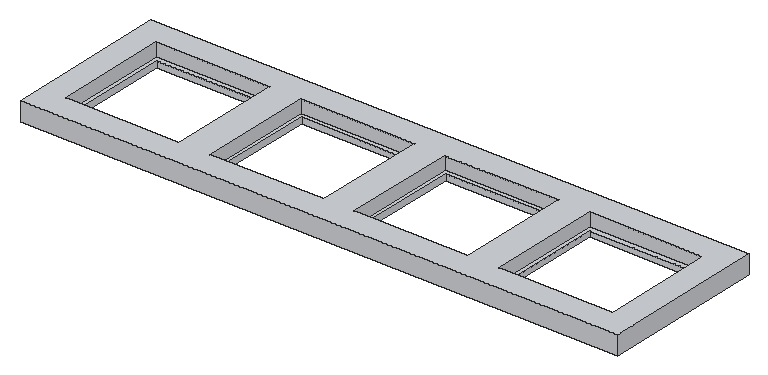
Revit family "Gira_021409", category Electrical Fixtures, host Face, Revit 2017
Family settings
  Host = Face
  Maintain Annotation Orientation = No
  Round Connector Dimension = Use Diameter
  Part Type = Normal
  Cut with Voids When Loaded = No
  Shared = No
  Room Calculation Point = No
Parameters (values of type "Cov.fr. 4-g Gira E2 black m")
  URL = "http://katalog.gira.de/en/datenblatt.html?artikelnr=021409"
  Transparent = "No"
  Name = "Cov.fr. 4-g Gira E2 black m"
  Manufacturer URL = "https://www.gira.de/"
  Manufacturer = "Gira"
  Label space/information surface = "No"
  Keynote = ""
  HeinzeBIM = "https://bimportal.heinze.de/bim/cov-fr-4-g-gira-e2-black-m/768ad4fe46efa51cc2077ca89b571052c2cdc0f8"
  HAN = "021409"
  GTIN = "4010337036869"
  Description = "Cov.fr.4g E2 BKm,Gira E2 cover frame,black matt,4-gang,Features:,- Shatter-proof.,,Notes :,- Also suitable for duct installation.,- In connection with the seal kit, frame (1-gang to 5-gang) is also suitable for installation as water-protected flush-mounted IP44."
  Default Elevation = 1219.2 mm
  Data sheet (1) = "https://katalog.gira.de/en/download.html?artikelnr=021409"
  Category = "Cover frame for domestic switching devices"
  BIM (1) = "https://media.stage.bim.site/public/gira/36a6b08/E2_Rahmen_4fach.rfa"
  Available = "No"
Reference planes
  plane 1 "Center (Front/Back)": y = 0
  plane 2: z = 0
  plane 3 "Center (Left/Right)": x = 0
Forms (mm)
  Extrusion 1, solid, detail levels fine
    sketch origin (0, 0, 0) x (1, 0, 0) y (0, 1, 0)
      loop
        line (147.35, 40.4) -> (-147.35, 40.4) -> (-147.35, -40.4) -> (147.35, -40.4) -> (147.35, 40.4)
      loop
        line (78.898, 28.052) -> (78.898, -28.052) -> (135.002, -28.052) -> (135.002, 28.052) -> (78.898, 28.052)
      loop
        line (7.598, 28.052) -> (7.598, -28.052) -> (63.702, -28.052) -> (63.702, 28.052) -> (7.598, 28.052)
      loop
        line (-63.702, 28.052) -> (-63.702, -28.052) -> (-7.598, -28.052) -> (-7.598, 28.052) -> (-63.702, 28.052)
      loop
        line (-135.002, 28.052) -> (-135.002, -28.052) -> (-78.898, -28.052) -> (-78.898, 28.052) -> (-135.002, 28.052)
    from 0 to 9.3
  Extrusion 2, solid, detail levels fine
    sketch origin (-106.85, 0, 0) x (1, 0, 0) y (0, 1, 0)
      loop
        line (-28.152, -28.152) -> (28.152, -28.152) -> (28.152, 28.152) -> (-28.152, 28.152) -> (-28.152, -28.152)
      loop
        line (25.9, -25.7) -> (25.9, 25.7) -> (-25.9, 25.7) -> (-25.9, -25.7) -> (25.9, -25.7)
    from 0 to 3
  Extrusion 3, solid, detail levels coarse+medium
    sketch origin (0, 0, 0) x (1, 0, 0) y (0, 1, 0)
      loop
        line (147.35, 40.4) -> (-147.35, 40.4) -> (-147.35, -40.4) -> (147.35, -40.4) -> (147.35, 40.4)
    from 0 to 9.3
  Extrusion 4, solid, detail levels fine
    sketch origin (-35.55, -0.047, 0) x (1, 0, 0) y (0, 1, 0)
      loop
        line (-28.152, -28.106) -> (28.152, -28.106) -> (28.152, 28.199) -> (-28.152, 28.199) -> (-28.152, -28.106)
      loop
        line (25.9, -25.653) -> (25.9, 25.747) -> (-25.9, 25.747) -> (-25.9, -25.653) -> (25.9, -25.653)
    from 0 to 3
  Extrusion 5, solid, detail levels fine
    sketch origin (106.85, -0.047, 0) x (1, 0, 0) y (0, 1, 0)
      loop
        line (-27.952, -28.006) -> (28.152, -28.006) -> (28.152, 28.099) -> (-27.952, 28.099) -> (-27.952, -28.006)
      loop
        line (26, -25.653) -> (26, 25.747) -> (-25.9, 25.747) -> (-25.9, -25.653) -> (26, -25.653)
    from 0 to 3
  Extrusion 6, solid, detail levels fine
    sketch origin (35.55, -0.047, 0) x (1, 0, 0) y (0, 1, 0)
      loop
        line (-27.952, -28.006) -> (28.152, -28.006) -> (28.152, 28.099) -> (-27.952, 28.099) -> (-27.952, -28.006)
      loop
        line (26, -25.653) -> (26, 25.747) -> (-25.9, 25.747) -> (-25.9, -25.653) -> (26, -25.653)
    from 0 to 3
Dimensions and locks
  aligned and locked: plane 2 to host face
  aligned and locked: level to host face
